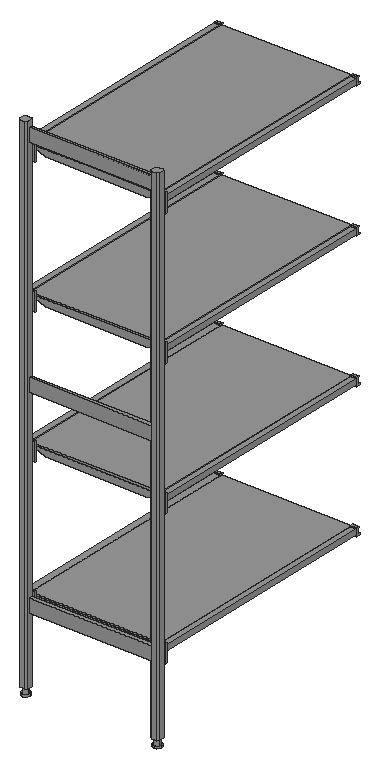
Revit family "QF_ZANUSSI_137071_CLS830", category Attrezzature speciali, Revit 2020
Family settings
  Quota connettore circolare = Usa diametro
  Tipo di parte = Normale
  Basato su piano di lavoro = No
  Sempre verticale = Sì
  Taglio con vuoti quando caricato = No
  Condiviso = No
  Punto di calcolo locali = No
Parameters (values of type "Standard")
  Weight = 16.00 kg
  Watts = 0 W
  Volts = 0 V
  URL Manufacturer = "http://www.zanussiprofessional.com"
  URL = "http://www.zanussiprofessional.com"
  Steam Supply Size = 0 mm
  Steam Supply Minimum Pressure = 0.0 Pa
  Steam Supply Maximum Pressure = 0.0 Pa
  Steam Consumption per Hour = 0
  Refrigeration Suction Line Size = 0.0 mm
  Refrigeration Liquid Line Size = 0.0 mm
  Refrigerant Compressor Remote = yes
  Prospetto di default = 0.0 mm
  Phase = 0
  Modello = "CLS830"
  Produttore = "Zanussi"
  Length Actual = 834.0 mm  # constant formula
  Item Number = "137071"
  Hot Water Size = 0 mm
  Height Actual = 1700.0 mm  # constant formula
  HP = "0 HP"
  Gas Size = 0 mm
  Gas KW = 0
  Gas Input Pressure = 0 W
  Direct Waste Size = 0 mm
  Descrizione = "ALUM.CORNER SHELV.-POLY.TIERS-475X834MM"
  Depth Actual = 475.0 mm  # constant formula
  Cycle = 0 Hz
  Condensate Return Size = 0 mm
  Compressed Air Volume = 0.0 L/s
  Compressed Air Size = 0 mm
  Compressed Air Pressure = 0.0 Pa
  Cold Water Size = 0 mm
  Accessory = yes
Reference planes
  plane 1: z = 0
  plane 2 "Center (F/B)": y = -163.5
  plane 3 "Front": y = -549.5
  plane 4 "Left": x = -217.5
  plane 5 "Right": x = 257.5
  plane 6 "TOP": z = 1700
  plane 7: y = -517.5
  plane 8: y = 280.5
  plane 9 "Center (Left/Right)": x = 20
  plane 10: y = 275.5
  plane 11: x = -186
  plane 12: x = 226
  plane 13 "FEET": z = 25
  plane 14: z = 275
  plane 15: z = 725
  plane 16: z = 1175
  plane 17: z = 1625
  plane 18 "CXLeft": y = -535.5
  plane 19: x = -200
  plane 20 "CYBack": x = -200
  plane 21 "CYFront": x = 138
  plane 22 "Back": y = 284.5
  plane 23 "LEFT_ORIGIN": x = -251.5
  plane 24 "BACK_Origin": y = 759.5
Forms (mm)
  Extrusion 1, solid, material "QF_Aluminum"
    sketch origin (0, -549.5, 0) x (-1, 0, 0) y (0, 0, 1)
      loop
        line (198.5, 1650.994) -> (198.5, 1632.998) -> (217.5, 1632.998) -> (217.5, 1650.994) -> (198.5, 1650.994)
      loop
        line (-238.5, 1650.994) -> (-257.5, 1650.994) -> (-257.5, 1632.998) -> (-238.5, 1632.998) -> (-238.5, 1650.994)
      loop
        line (198.5, 1200.994) -> (198.5, 1182.998) -> (217.5, 1182.998) -> (217.5, 1200.994) -> (198.5, 1200.994)
      loop
        line (-238.522, 1200.994) -> (-257.5, 1200.994) -> (-257.5, 1182.998) -> (-238.522, 1182.998) -> (-238.522, 1200.994)
      loop
        line (198.5, 750.994) -> (198.5, 732.998) -> (217.5, 732.998) -> (217.5, 750.994) -> (198.5, 750.994)
      loop
        line (-238.522, 750.994) -> (-257.5, 750.994) -> (-257.5, 732.998) -> (-238.522, 732.998) -> (-238.522, 750.994)
      loop
        line (198.5, 300.994) -> (198.5, 282.998) -> (217.5, 282.998) -> (217.5, 300.994) -> (198.5, 300.994)
      loop
        line (-238.522, 300.994) -> (-257.5, 300.994) -> (-257.5, 282.998) -> (-238.522, 282.998) -> (-238.522, 300.994)
    from 32 to 830
  Extrusion 2, solid, material "QF_Polyethylene"
    sketch origin (0, -549.5, 0) x (-1, 0, 0) y (0, 0, 1)
      loop
        line (196.507, 1650.994) -> (-236.522, 1650.994) -> (-236.522, 1644.496) -> (196.507, 1644.496) -> (196.507, 1650.994)
      loop
        line (196.507, 1200.994) -> (-236.522, 1200.994) -> (-236.522, 1194.496) -> (196.507, 1194.496) -> (196.507, 1200.994)
      loop
        line (196.507, 750.994) -> (-236.522, 750.994) -> (-236.522, 744.496) -> (196.507, 744.496) -> (196.507, 750.994)
      loop
        line (196.507, 300.994) -> (-236.522, 300.994) -> (-236.522, 294.496) -> (196.507, 294.496) -> (196.507, 300.994)
    from 32 to 830
Lines and regions (mm)
  symbolic lines
    curve 1: line (-198.5, 280.5, 1700) -> (-198.5, -517.5, 1700)
    curve 2: line (-217.5, -521.5, 1700) -> (-217.5, 280.5, 1700)
    curve 3: line (257.5, -521.5, 1700) -> (257.5, 280.5, 1700)
    curve 4: line (-181.507, -517.5, 1700) -> (221.507, -517.5, 1700)
    curve 5: line (238.522, -517.5, 1700) -> (238.522, 280.5, 1700)
    curve 6: line (-198.5, 280.5, 1700) -> (238.522, 280.5, 1700)
Dimensions and locks
  plane 3 "Front" to plane 2 "Center (F/B)" = 386.0 mm
  locked: plane 6 "TOP" to level at 1700
  locked: plane 4 "Left" to plane 5 "Right" at 475
  locked: plane 7 to plane 8 at 798
  locked: plane 3 "Front" to plane 7 at 32
  plane 10 to plane 8 = 5.0 mm
  locked: plane 11 to plane 12 at 412
  equal spacing: plane 11, plane 9 "Center (Left/Right)", plane 12
  equal spacing: plane 4 "Left", plane 9 "Center (Left/Right)", plane 5 "Right"
  plane 13 "FEET" to level = 25.0 mm
  plane 6 "TOP" to plane 13 "FEET" = 1675.0 mm
  plane 14 to plane 13 "FEET" = 250.0 mm
  plane 15 to plane 14 = 450.0 mm
  plane 16 to plane 15 = 450.0 mm
  plane 17 to plane 16 = 450.0 mm
  locked: plane 3 "Front" to plane 18 "CXLeft" at 14
  locked: plane 3 "Front" to plane 22 "Back" at 834
  plane 23 "LEFT_ORIGIN" to plane 5 "Right" = 509.0 mm
  locked: plane 22 "Back" to plane 24 "BACK_Origin" at 475
  aligned and locked: level to plane 1
  aligned and locked: Extrusion 2 to plane 7
  aligned and locked: plane 8 to Extrusion 2
  aligned and locked: Extrusion 1 to plane 7
  aligned and locked: plane 8 to Extrusion 1
  aligned and locked: Extrusion 1 sketch curve to Extrusion 1 sketch curve  (x2)
  aligned and locked: plane 18 "CXLeft" to nested 1
  aligned and locked: nested 2 to plane 10
Automatic sketch dimensions
  curve 2 to plane 4 "Left" = 0.0 mm
  curve 3 to plane 5 "Right" = 0.0 mm
  plane 7 to curve 1 = 0.0 mm
  plane 7 to curve 4 = 0.0 mm
  plane 7 to curve 5 = 0.0 mm
  plane 8 to curve 2 = 0.0 mm
  plane 8 to curve 1 = 0.0 mm
  plane 8 to curve 3 = 0.0 mm
  curve 5 to plane 21 "CYFront" = 100.522 mm
  plane 19 to curve 6 = 1.5 mm
  plane 7 to curve 3 = 4.0 mm
  plane 7 to curve 2 = 4.0 mm
  plane 12 to curve 4 = 4.493 mm
  curve 4 to plane 11 = 4.493 mm
  plane 5 "Right" to Extrusion 1 sketch curve = 0.0 mm  (x4)
  plane 4 "Left" to Extrusion 1 sketch curve = 0.0 mm  (x4)
  Extrusion 1 sketch curve to plane 21 "CYFront" = 100.522 mm
  Extrusion 1 sketch curve to plane 21 "CYFront" = 100.5 mm
  plane 19 to Extrusion 1 sketch curve = 1.5 mm  (x4)
  plane 14 to Extrusion 1 sketch curve = 7.998 mm  (x2)
  Extrusion 1 sketch curve to Extrusion 1 sketch curve = 17.997 mm  (x8)
  plane 15 to Extrusion 1 sketch curve = 7.998 mm  (x2)
  plane 16 to Extrusion 1 sketch curve = 7.998 mm  (x2)
  plane 17 to Extrusion 1 sketch curve = 7.998 mm  (x2)
  Extrusion 2 sketch curve to plane 21 "CYFront" = 98.522 mm  (x4)
  plane 19 to Extrusion 2 sketch curve = 3.493 mm  (x4)
  plane 14 to Extrusion 2 sketch curve = 19.496 mm
  Extrusion 2 sketch curve to Extrusion 2 sketch curve = 6.499 mm  (x4)
  plane 15 to Extrusion 2 sketch curve = 19.496 mm
  plane 16 to Extrusion 2 sketch curve = 19.496 mm
  plane 17 to Extrusion 2 sketch curve = 19.496 mm
Nested families
  nested 1: "WT_Anta475" at (-194.5, -132.5, 0) x (0, 1, 0) z (0, 0, 1), type "WT_Anta475"
  nested 2: "WT_Aggancio475" at (-194.5, 692.5, 0) x (0, 1, 0) z (0, 0, 1), type "WT_Aggancio475"
Definition of nested family "WT_Anta475"
  Parameters
    WidthLeft = A + 64.0 mm  # 772.0 mm
    Width = 1606.0 mm
    Right = WidthLeft / 2  # 386.0 mm
    Default Elevation = 0.0 mm
    Left = -WidthLeft / 2  # -386.0 mm
    Height = 1725.0 mm
    FEET = 25.0 mm
    E = 0.0 mm
    Dint = Depth - 63.0 mm  # 412.0 mm
    Dext = Depth - 8.0 mm  # 467.0 mm
    Depth = 475.0 mm
    DX = (WidthLeft - A) / 2  # 32.0 mm
    B = 798.0 mm
    A = 708.0 mm
  Reference planes
    plane 1: z = 0
    plane 2 "LEFT": x = -417
    plane 3 "BACK": y = 23
    plane 4 "FRONT": y = -452
    plane 5 "TOP": z = 1725
    plane 6 "Center (Front/Back)": y = -214.5
    plane 7: y = -8.5
    plane 8: y = -420.5
    plane 9 "FEET": z = 25
    plane 10: z = 275
    plane 11: z = 725
    plane 12: z = 1175
    plane 13: z = 1625
    plane 14 "CXLeft": x = -403
    plane 15: y = 5.5
    plane 16 "CYBack": y = 5.5
    plane 17 "CYFront": y = -434.5
    plane 18: x = -385.031
    plane 19: x = -380.031
  Forms (mm)
    Extrusion 1, solid
      sketch origin (0, 0, 0) x (1, 0, 0) y (0, 1, 0)
        loop
          line (-417, 13.246) -> (-417, -2.246) -> (-410.746, -8.5) -> (-395.254, -8.5) -> (-389, -2.246) -> (-389, 13.246) -> (-395.254, 19.5) -> (-410.746, 19.5) -> (-417, 13.246)
      from 1725 to 25
    Extrusion 2, solid
      sketch origin (-417, 0, 0) x (0, 1, 0) y (0, 0, 1)
        loop
          line (23, 246.005) -> (23, 307.993) -> (-12.993, 307.993) -> (-12.993, 246.005) -> (23, 246.005)
        loop
          line (-452, 246.005) -> (-416.007, 246.005) -> (-416.007, 307.993) -> (-452, 307.993) -> (-452, 246.005)
        loop
          line (23, 696.005) -> (23, 757.993) -> (-12.993, 757.993) -> (-12.993, 696.005) -> (23, 696.005)
        loop
          line (-452, 696.005) -> (-416.007, 696.005) -> (-416.007, 757.993) -> (-452, 757.993) -> (-452, 696.005)
        loop
          line (23, 1146.005) -> (23, 1207.993) -> (-12.993, 1207.993) -> (-12.993, 1146.005) -> (23, 1146.005)
        loop
          line (-452, 1146.005) -> (-416.007, 1146.005) -> (-416.007, 1207.993) -> (-452, 1207.993) -> (-452, 1146.005)
        loop
          line (23, 1596.005) -> (23, 1657.993) -> (-12.993, 1657.993) -> (-12.993, 1596.005) -> (23, 1596.005)
        loop
          line (-452, 1596.005) -> (-416.007, 1596.005) -> (-416.007, 1657.993) -> (-452, 1657.993) -> (-452, 1596.005)
      from 28 to 32
    Revolve 3, solid
      sketch origin (-403, 0, 0) x (0, 1, 0) y (0, 0, 1)
        loop
          line (5.5, 25) -> (5.5, 0) -> (19, 0) -> (19, 5) -> (14, 5) -> (14, 25) -> (5.5, 25)
        axis (5.5, 25) -> (5.5, 0)
      angle from 0 to 360
    Extrusion 4, solid
      sketch origin (-403, 0, 0) x (0, 1, 0) y (0, 0, 1)
        loop
          line (-8.5, 912.382) -> (-8.5, 957.374) -> (-420.5, 957.374) -> (-420.5, 912.382) -> (-8.5, 912.382)
        loop
          line (-8.5, 1662.244) -> (-8.5, 1707.236) -> (-420.5, 1707.236) -> (-420.5, 1662.244) -> (-8.5, 1662.244)
      from -5 to 5
    Revolve 5, solid
      sketch origin (-403, -627, 0) x (0, -1, 0) y (0, 0, 1)
        loop
          line (-192.5, 25) -> (-192.5, 0) -> (-179, 0) -> (-179, 5) -> (-184, 5) -> (-184, 25) -> (-192.5, 25)
        axis (-192.5, 25) -> (-192.5, 0)
      angle from 0 to 360
    Extrusion 6, solid
      sketch origin (0, -627, 0) x (1, 0, 0) y (0, 1, 0)
        loop
          line (-417, 184.754) -> (-410.746, 178.5) -> (-395.254, 178.5) -> (-389, 184.754) -> (-389, 200.246) -> (-395.254, 206.5) -> (-410.746, 206.5) -> (-417, 200.246) -> (-417, 184.754)
      from 1725 to 25
    Extrusion 7, solid
      sketch origin (-417.031, -0.022, 0) x (0, 1, 0) y (0, 0, -1)
        loop
          line (-12, -1632.998) -> (-46, -1620.994) -> (-383, -1620.994) -> (-417, -1632.998) -> (-433, -1632.998) -> (-433, -1650.994) -> (-431, -1650.994) -> (-431, -1644.496) -> (2.007, -1644.496) -> (2.007, -1650.994) -> (4, -1650.994) -> (4, -1632.998) -> (-12, -1632.998)
        loop
          line (-12, -1182.998) -> (-46, -1170.994) -> (-383, -1170.994) -> (-417, -1182.998) -> (-433, -1182.998) -> (-433, -1200.994) -> (-431, -1200.994) -> (-431, -1194.496) -> (2.007, -1194.496) -> (2.007, -1200.994) -> (4, -1200.994) -> (4, -1182.998) -> (-12, -1182.998)
        loop
          line (-12, -732.998) -> (-46, -720.994) -> (-383, -720.994) -> (-417, -732.998) -> (-433, -732.998) -> (-433, -750.994) -> (-431, -750.994) -> (-431, -744.496) -> (2.007, -744.496) -> (2.007, -750.994) -> (4, -750.994) -> (4, -732.998) -> (-12, -732.998)
        loop
          line (-12, -282.998) -> (-46, -270.994) -> (-383, -270.994) -> (-417, -282.998) -> (-433, -282.998) -> (-433, -300.994) -> (-431, -300.994) -> (-431, -294.496) -> (2.007, -294.496) -> (2.007, -300.994) -> (4, -300.994) -> (4, -282.998) -> (-12, -282.998)
      from -32 to -37
    Extrusion 8, solid
      sketch origin (-403, 0, -659.878) x (0, 1, 0) y (0, 0, 1)
        loop
          line (-8.5, 912.382) -> (-8.5, 957.374) -> (-420.5, 957.374) -> (-420.5, 912.382) -> (-8.5, 912.382)
        loop
          line (-8.5, 1572.382) -> (-8.5, 1617.374) -> (-420.5, 1617.374) -> (-420.5, 1572.382) -> (-8.5, 1572.382)
        loop
          line (-8.5, 2322.382) -> (-8.5, 2367.374) -> (-420.5, 2367.374) -> (-420.5, 2322.382) -> (-8.5, 2322.382)
      from -5 to 5
  Lines and regions (mm)
    symbolic lines
      curve 1: line (-408, -8.5, 1725) -> (-408, -420.5, 1725)
      curve 2: line (-398, -420.5, 1725) -> (-398, -8.5, 1725)
      curve 3: line (-395.254, -8.5, 1725) -> (-410.746, -8.5, 1725)
      curve 4: line (-417, -2.246, 1725) -> (-410.746, -8.5, 1725)
      curve 5: line (-417, 13.246, 1725) -> (-417, -2.246, 1725)
      curve 6: line (-410.746, 19.5, 1725) -> (-417, 13.246, 1725)
      curve 7: line (-395.254, 19.5, 1725) -> (-410.746, 19.5, 1725)
      curve 8: line (-389, 13.246, 1725) -> (-395.254, 19.5, 1725)
      curve 9: line (-395.254, -8.5, 1725) -> (-389, -2.246, 1725)
      curve 10: line (-395.254, -420.5, 1725) -> (-410.746, -420.5, 1725)
      curve 11: line (-417, -426.754, 1725) -> (-410.746, -420.5, 1725)
      curve 12: line (-410.746, -448.5, 1725) -> (-417, -442.246, 1725)
      curve 13: line (-395.254, -448.5, 1725) -> (-410.746, -448.5, 1725)
      curve 14: line (-389, -442.246, 1725) -> (-395.254, -448.5, 1725)
      curve 15: line (-395.254, -420.5, 1725) -> (-389, -426.754, 1725)
      curve 16: line (-389, -452, 1725) -> (-389, -416.007, 1725)
      curve 17: line (-389, -416.007, 1725) -> (-385, -416.007, 1725)
      curve 18: line (-389, 23, 1725) -> (-389, -12.993, 1725)
      curve 19: line (-389, -12.993, 1725) -> (-385, -12.993, 1725)
      curve 20: line (-417, -426.754, 1725) -> (-417, -442.246, 1725)
      curve 21: line (-385, -452, 1725) -> (-385, -416.007, 1725)
      curve 22: line (-385, -452, 1725) -> (-389, -452, 1725)
      curve 23: line (-385, 23, 1725) -> (-389, 23, 1725)
      curve 24: line (-385, -12.993, 1725) -> (-385, 23, 1725)
      curve 25: line (-385.031, -13.016, 1725) -> (-385.031, -416.029, 1725)
  Dimensions and locks
    "Height": plane 5 "TOP" to level
    "Depth": plane 3 "BACK" to plane 4 "FRONT"
    "Dint": plane 7 to plane 8
    equal spacing: plane 7, plane 6 "Center (Front/Back)", plane 8
    equal spacing: plane 3 "BACK", plane 6 "Center (Front/Back)", plane 4 "FRONT"
    plane 9 "FEET" to level = 25.0 mm
    plane 5 "TOP" to plane 9 "FEET" = 1700.0 mm
    plane 10 to plane 9 "FEET" = 250.0 mm
    plane 11 to plane 10 = 450.0 mm
    plane 12 to plane 11 = 450.0 mm
    plane 13 to plane 12 = 450.0 mm
    locked: plane 2 "LEFT" to plane 14 "CXLeft" at 14
    locked: plane 3 "BACK" to plane 16 "CYBack" at 17.5
    locked: plane 17 "CYFront" to plane 4 "FRONT" at 17.5
    locked: Revolve 3 sketch curve to Revolve 3 sketch curve at 8.5
    locked: Revolve 3 sketch curve to plane 16 "CYBack" at 13.5
    locked: Revolve 5 sketch curve to Revolve 5 sketch curve at 8.5
    aligned and locked: level to plane 1
    aligned and locked: curve 20 to Extrusion 6
    aligned and locked: plane 5 "TOP" to Extrusion 1
    aligned and locked: plane 5 "TOP" to Extrusion 6
    aligned and locked: Extrusion 7 sketch curve to Extrusion 7 sketch curve  (x3)
  Automatic sketch dimensions
    curve 16 to plane 4 "FRONT" = 0.0 mm
    curve 11 to plane 8 = 0.0 mm
    curve 9 to plane 7 = 0.0 mm
    curve 5 to plane 2 "LEFT" = 0.0 mm
    curve 23 to plane 3 "BACK" = 0.0 mm
    plane 4 "FRONT" to curve 13 = 3.5 mm
    curve 20 to plane 17 "CYFront" = 7.746 mm
    curve 20 to plane 8 = 6.254 mm
    plane 8 to curve 16 = 4.493 mm
    curve 24 to plane 18 = 0.031 mm
    curve 24 to plane 7 = 4.493 mm
    plane 7 to curve 5 = 6.254 mm
    curve 5 to plane 15 = 7.746 mm
    curve 6 to plane 3 "BACK" = 3.5 mm
    curve 21 to plane 18 = 0.031 mm
    plane 18 to curve 23 = 3.969 mm
    plane 18 to curve 16 = 3.969 mm
    curve 18 to curve 8 = 6.254 mm
    curve 18 to curve 3 = 6.254 mm
    curve 16 to curve 13 = 6.254 mm
    curve 16 to curve 15 = 6.254 mm
    plane 2 "LEFT" to curve 10 = 6.254 mm
    plane 2 "LEFT" to curve 7 = 6.254 mm
    plane 2 "LEFT" to curve 12 = 6.254 mm
    plane 2 "LEFT" to curve 3 = 6.254 mm
    curve 14 to plane 17 "CYFront" = 7.746 mm
    curve 15 to plane 8 = 6.254 mm
    plane 7 to curve 9 = 6.254 mm
    curve 8 to plane 15 = 7.746 mm
    curve 3 to curve 2 = 2.746 mm
    curve 1 to curve 10 = 2.746 mm
    Extrusion 1 sketch curve to plane 2 "LEFT" = 0.0 mm
    Extrusion 1 sketch curve to plane 7 = 0.0 mm
    plane 2 "LEFT" to Extrusion 1 sketch curve = 6.254 mm  (x2)
    plane 14 "CXLeft" to Extrusion 1 sketch curve = 7.746 mm  (x2)
    Extrusion 1 sketch curve to plane 3 "BACK" = 3.5 mm
    plane 18 to Extrusion 1 sketch curve = 3.969 mm
    plane 7 to Extrusion 1 sketch curve = 6.254 mm  (x2)
    Extrusion 1 sketch curve to plane 15 = 7.746 mm  (x2)
    Extrusion 2 sketch curve to plane 4 "FRONT" = 0.0 mm  (x4)
    Extrusion 2 sketch curve to plane 3 "BACK" = 0.0 mm  (x4)
    plane 8 to Extrusion 2 sketch curve = 4.493 mm  (x4)
    Extrusion 2 sketch curve to plane 7 = 4.493 mm  (x4)
    Extrusion 2 sketch curve to plane 10 = 28.995 mm  (x2)
    plane 10 to Extrusion 2 sketch curve = 32.993 mm  (x2)
    Extrusion 2 sketch curve to plane 11 = 28.995 mm  (x2)
    plane 11 to Extrusion 2 sketch curve = 32.993 mm  (x2)
    Extrusion 2 sketch curve to plane 12 = 28.995 mm  (x2)
    plane 12 to Extrusion 2 sketch curve = 32.993 mm  (x2)
    Extrusion 2 sketch curve to plane 13 = 28.995 mm  (x2)
    plane 13 to Extrusion 2 sketch curve = 32.993 mm  (x2)
    Revolve 3 sketch curve to plane 9 "FEET" = 0.0 mm  (x2)
    Revolve 3 sketch curve to plane 15 = 0.0 mm  (x2)
    Revolve 3 sketch curve to level = 0.0 mm
    level to Revolve 3 sketch curve = 5.0 mm
    Revolve 3 sketch curve to Revolve 3 sketch curve = 11.655 mm
    Extrusion 4 sketch curve to plane 8 = 0.0 mm  (x2)
    Extrusion 4 sketch curve to plane 7 = 0.0 mm  (x2)
    plane 11 to Extrusion 4 sketch curve = 187.382 mm
    Extrusion 4 sketch curve to Extrusion 4 sketch curve = 44.992 mm
    plane 13 to Extrusion 4 sketch curve = 37.244 mm
    Extrusion 4 sketch curve to plane 5 "TOP" = 17.764 mm
    Revolve 5 sketch curve to plane 9 "FEET" = 0.0 mm  (x2)
    Revolve 5 sketch curve to plane 17 "CYFront" = 0.0 mm  (x2)
    Revolve 5 sketch curve to level = 0.0 mm
    Revolve 5 sketch curve to plane 4 "FRONT" = 4.0 mm
    Revolve 5 sketch curve to Revolve 5 sketch curve = 5.0 mm
    level to Revolve 5 sketch curve = 11.655 mm
    Extrusion 6 sketch curve to plane 2 "LEFT" = 0.0 mm
    Extrusion 6 sketch curve to plane 8 = 0.0 mm
    Extrusion 6 sketch curve to plane 2 "LEFT" = 6.254 mm  (x2)
    Extrusion 6 sketch curve to plane 14 "CXLeft" = 7.746 mm  (x2)
    Extrusion 6 sketch curve to plane 4 "FRONT" = 3.5 mm
    Extrusion 6 sketch curve to plane 18 = 3.969 mm
    plane 8 to Extrusion 6 sketch curve = 6.254 mm  (x2)
    plane 17 "CYFront" to Extrusion 6 sketch curve = 7.746 mm  (x2)
    plane 17 "CYFront" to Extrusion 7 sketch curve = 1.478 mm  (x4)
    Extrusion 7 sketch curve to Extrusion 7 sketch curve = 2.0 mm
    plane 8 to Extrusion 7 sketch curve = 3.478 mm  (x4)
    Extrusion 7 sketch curve to plane 10 = 4.006 mm
    Extrusion 7 sketch curve to Extrusion 7 sketch curve = 34.0 mm  (x4)
    Extrusion 7 sketch curve to plane 11 = 4.006 mm
    Extrusion 7 sketch curve to plane 12 = 4.006 mm
    Extrusion 7 sketch curve to plane 13 = 4.006 mm
    Extrusion 7 sketch curve to plane 7 = 37.522 mm  (x4)
    Extrusion 7 sketch curve to plane 7 = 3.522 mm  (x4)
    plane 15 to Extrusion 7 sketch curve = 3.516 mm  (x4)
    plane 15 to Extrusion 7 sketch curve = 1.522 mm  (x4)
    plane 13 to Extrusion 7 sketch curve = 7.998 mm  (x2)
    Extrusion 7 sketch curve to Extrusion 7 sketch curve = 11.498 mm
    Extrusion 7 sketch curve to Extrusion 7 sketch curve = 6.499 mm  (x5)
    plane 12 to Extrusion 7 sketch curve = 25.994 mm  (x2)
    plane 12 to Extrusion 7 sketch curve = 7.998 mm  (x2)
    plane 11 to Extrusion 7 sketch curve = 25.994 mm  (x2)
    plane 11 to Extrusion 7 sketch curve = 7.998 mm  (x2)
    plane 10 to Extrusion 7 sketch curve = 25.994 mm  (x2)
    plane 10 to Extrusion 7 sketch curve = 7.998 mm  (x2)
    curve 25 to plane 18 = 0.0 mm
    plane 8 to curve 25 = 4.471 mm
    curve 25 to plane 7 = 4.516 mm
    Extrusion 8 sketch curve to plane 8 = 0.0 mm  (x3)
    Extrusion 8 sketch curve to plane 7 = 0.0 mm  (x3)
    Extrusion 8 sketch curve to plane 10 = 22.496 mm
    plane 10 to Extrusion 8 sketch curve = 22.496 mm
    plane 11 to Extrusion 8 sketch curve = 187.504 mm
    Extrusion 8 sketch curve to Extrusion 8 sketch curve = 44.992 mm
    plane 13 to Extrusion 8 sketch curve = 37.504 mm
    Extrusion 8 sketch curve to plane 5 "TOP" = 17.504 mm
Definition of nested family "WT_Aggancio475"
  Parameters
    WidthLeft = A + 64.0 mm  # 772.0 mm
    Width = 1606.0 mm
    Right = WidthLeft / 2  # 386.0 mm
    Default Elevation = 0.0 mm
    Left = -WidthLeft / 2  # -386.0 mm
    Height = 1725.0 mm
    FEET = 25.0 mm
    E = 0.0 mm
    Dint = Depth - 63.0 mm  # 412.0 mm
    Dext = Depth - 8.0 mm  # 467.0 mm
    Depth = 475.0 mm
    DX = (WidthLeft - A) / 2  # 32.0 mm
    B = 798.0 mm
    A = 708.0 mm
  Reference planes
    plane 1: z = 0
    plane 2 "LEFT": x = -417
    plane 3 "BACK": y = 23
    plane 4 "FRONT": y = -452
    plane 5 "TOP": z = 1725
    plane 6 "Center (Front/Back)": y = -214.5
    plane 7: y = -8.5
    plane 8: y = -420.5
    plane 9 "FEET": z = 25
    plane 10: z = 275
    plane 11: z = 725
    plane 12: z = 1175
    plane 13: z = 1625
    plane 14: y = 5.5
    plane 15 "CYBack": y = 5.5
    plane 16 "CYFront": y = -434.5
  Forms (mm)
    Extrusion 1, solid
      sketch origin (-380, -0.022, 0) x (0, 1, 0) y (0, 0, 1)
        loop
          line (-12, 1632.998) -> (4, 1632.998) -> (4, 1650.994) -> (2.007, 1650.994) -> (2.007, 1644.496) -> (-431, 1644.496) -> (-431, 1650.994) -> (-433, 1650.994) -> (-433, 1632.998) -> (-417, 1632.998) -> (-383, 1620.994) -> (-46, 1620.994) -> (-12, 1632.998)
        loop
          line (-12, 1182.998) -> (4, 1182.998) -> (4, 1200.994) -> (2.007, 1200.994) -> (2.007, 1194.496) -> (-431, 1194.496) -> (-431, 1200.994) -> (-433, 1200.994) -> (-433, 1182.998) -> (-417, 1182.998) -> (-383, 1170.994) -> (-46, 1170.994) -> (-12, 1182.998)
        loop
          line (-12, 732.998) -> (4, 732.998) -> (4, 750.994) -> (2.007, 750.994) -> (2.007, 744.496) -> (-431, 744.496) -> (-431, 750.994) -> (-433, 750.994) -> (-433, 732.998) -> (-417, 732.998) -> (-383, 720.994) -> (-46, 720.994) -> (-12, 732.998)
        loop
          line (-12, 282.998) -> (4, 282.998) -> (4, 300.994) -> (2.007, 300.994) -> (2.007, 294.496) -> (-431, 294.496) -> (-431, 300.994) -> (-433, 300.994) -> (-433, 282.998) -> (-417, 282.998) -> (-383, 270.994) -> (-46, 270.994) -> (-12, 282.998)
      from -32 to -37
    Extrusion 2, solid
      sketch origin (-793.062, -324.754, 6.5) x (1, 0, 0) y (0, 0, 1)
        loop
          line (385.062, 1644.496) -> (385.062, 1647.496) -> (376.062, 1647.496) -> (376.062, 1620.994) -> (390.031, 1620.994) -> (390.031, 1626.496) -> (381.062, 1626.496) -> (381.062, 1644.496) -> (385.062, 1644.496)
        loop
          line (385.062, 1194.496) -> (385.062, 1197.496) -> (376.062, 1197.496) -> (376.062, 1170.994) -> (390.031, 1170.994) -> (390.031, 1176.496) -> (381.062, 1176.496) -> (381.062, 1194.496) -> (385.062, 1194.496)
        loop
          line (385.062, 744.496) -> (385.062, 747.496) -> (376.062, 747.496) -> (376.062, 720.994) -> (390.031, 720.994) -> (390.031, 726.496) -> (381.062, 726.496) -> (381.062, 744.496) -> (385.062, 744.496)
        loop
          line (385.062, 294.496) -> (385.062, 297.496) -> (376.062, 297.496) -> (376.062, 270.994) -> (390.031, 270.994) -> (390.031, 276.496) -> (381.062, 276.496) -> (381.062, 294.496) -> (385.062, 294.496)
      from 108.268 to 127.246
    Extrusion 3, solid
      sketch origin (-793.062, 32.754, 6.5) x (1, 0, 0) y (0, 0, 1)
        loop
          line (385.062, 1644.496) -> (385.062, 1647.496) -> (376.062, 1647.496) -> (376.062, 1620.994) -> (390.031, 1620.994) -> (390.031, 1626.496) -> (381.062, 1626.496) -> (381.062, 1644.496) -> (385.062, 1644.496)
        loop
          line (385.062, 1194.496) -> (385.062, 1197.496) -> (376.062, 1197.496) -> (376.062, 1170.994) -> (390.031, 1170.994) -> (390.031, 1176.496) -> (381.062, 1176.496) -> (381.062, 1194.496) -> (385.062, 1194.496)
        loop
          line (385.062, 744.496) -> (385.062, 747.496) -> (376.062, 747.496) -> (376.062, 720.994) -> (390.031, 720.994) -> (390.031, 726.496) -> (381.062, 726.496) -> (381.062, 744.496) -> (385.062, 744.496)
        loop
          line (385.062, 294.496) -> (385.062, 297.496) -> (376.062, 297.496) -> (376.062, 270.994) -> (390.031, 270.994) -> (390.031, 276.496) -> (381.062, 276.496) -> (381.062, 294.496) -> (385.062, 294.496)
      from 9.754 to 28.776
  Lines and regions (mm)
    symbolic lines
      curve 1: line (-412, -452, 0) -> (-408, -452, 0)
      curve 2: line (-412, -433.022, 0) -> (-412, -452, 0)
      curve 3: line (-408, -433.022, 0) -> (-412, -433.022, 0)
      curve 4: line (-408, -452, 0) -> (-408, -433.022, 0)
      curve 5: line (-412, 3.978, 0) -> (-408, 3.978, 0)
      curve 6: line (-412, 23, 0) -> (-412, 3.978, 0)
      curve 7: line (-408, 23, 0) -> (-412, 23, 0)
      curve 8: line (-408, 3.978, 0) -> (-408, 23, 0)
  Dimensions and locks
    "Height": plane 5 "TOP" to level
    "Depth": plane 3 "BACK" to plane 4 "FRONT"
    "Dint": plane 7 to plane 8
    equal spacing: plane 7, plane 6 "Center (Front/Back)", plane 8
    equal spacing: plane 3 "BACK", plane 6 "Center (Front/Back)", plane 4 "FRONT"
    plane 9 "FEET" to level = 25.0 mm
    plane 5 "TOP" to plane 9 "FEET" = 1700.0 mm
    plane 10 to plane 9 "FEET" = 250.0 mm
    plane 11 to plane 10 = 450.0 mm
    plane 12 to plane 11 = 450.0 mm
    plane 13 to plane 12 = 450.0 mm
    locked: plane 3 "BACK" to plane 15 "CYBack" at 17.5
    locked: plane 16 "CYFront" to plane 4 "FRONT" at 17.5
    aligned and locked: level to plane 1
    aligned and locked: Extrusion 1 sketch curve to Extrusion 1 sketch curve  (x3)
  Automatic sketch dimensions
    plane 16 "CYFront" to Extrusion 1 sketch curve = 1.478 mm  (x4)
    Extrusion 1 sketch curve to Extrusion 1 sketch curve = 2.0 mm
    plane 8 to Extrusion 1 sketch curve = 3.478 mm  (x4)
    Extrusion 1 sketch curve to plane 10 = 4.006 mm
    Extrusion 1 sketch curve to Extrusion 1 sketch curve = 34.0 mm  (x4)
    Extrusion 1 sketch curve to plane 11 = 4.006 mm
    Extrusion 1 sketch curve to plane 12 = 4.006 mm
    Extrusion 1 sketch curve to plane 13 = 4.006 mm
    Extrusion 1 sketch curve to plane 7 = 37.522 mm  (x4)
    Extrusion 1 sketch curve to plane 7 = 3.522 mm  (x4)
    plane 14 to Extrusion 1 sketch curve = 3.516 mm  (x4)
    plane 14 to Extrusion 1 sketch curve = 1.522 mm  (x4)
    plane 10 to Extrusion 1 sketch curve = 7.998 mm  (x2)
    Extrusion 1 sketch curve to Extrusion 1 sketch curve = 11.498 mm  (x4)
    Extrusion 1 sketch curve to Extrusion 1 sketch curve = 6.499 mm  (x8)
    plane 11 to Extrusion 1 sketch curve = 7.998 mm  (x2)
    plane 12 to Extrusion 1 sketch curve = 7.998 mm  (x2)
    plane 13 to Extrusion 1 sketch curve = 7.998 mm  (x2)
    plane 2 "LEFT" to Extrusion 2 sketch curve = 0.0 mm  (x4)
    plane 13 to Extrusion 2 sketch curve = 7.996 mm
    plane 11 to Extrusion 2 sketch curve = 7.996 mm
    Extrusion 2 sketch curve to Extrusion 2 sketch curve = 5.0 mm  (x4)
    plane 11 to Extrusion 2 sketch curve = 2.494 mm
    plane 10 to Extrusion 2 sketch curve = 28.996 mm
    Extrusion 2 sketch curve to Extrusion 2 sketch curve = 3.0 mm  (x4)
    plane 10 to Extrusion 2 sketch curve = 7.996 mm
    plane 10 to Extrusion 2 sketch curve = 2.494 mm
    Extrusion 2 sketch curve to Extrusion 2 sketch curve = 18.0 mm  (x3)
    plane 12 to Extrusion 2 sketch curve = 2.494 mm
    plane 12 to Extrusion 2 sketch curve = 7.996 mm
    plane 13 to Extrusion 2 sketch curve = 2.494 mm
    plane 2 "LEFT" to Extrusion 3 sketch curve = 0.0 mm  (x4)
    plane 13 to Extrusion 3 sketch curve = 7.996 mm
    plane 11 to Extrusion 3 sketch curve = 7.996 mm
    Extrusion 3 sketch curve to Extrusion 3 sketch curve = 5.0 mm  (x4)
    plane 11 to Extrusion 3 sketch curve = 2.494 mm
    plane 10 to Extrusion 3 sketch curve = 28.996 mm
    Extrusion 3 sketch curve to Extrusion 3 sketch curve = 3.0 mm  (x4)
    plane 10 to Extrusion 3 sketch curve = 7.996 mm
    plane 10 to Extrusion 3 sketch curve = 2.494 mm
    Extrusion 3 sketch curve to Extrusion 3 sketch curve = 18.0 mm  (x3)
    plane 12 to Extrusion 3 sketch curve = 2.494 mm
    plane 12 to Extrusion 3 sketch curve = 7.996 mm
    plane 13 to Extrusion 3 sketch curve = 2.494 mm
    plane 2 "LEFT" to curve 1 = 5.0 mm
    plane 2 "LEFT" to curve 7 = 5.0 mm
    curve 1 to plane 16 "CYFront" = 17.5 mm
    curve 3 to plane 8 = 12.522 mm
    plane 7 to curve 5 = 12.478 mm
    curve 7 to plane 14 = 17.5 mm
    curve 5 to curve 5 = 4.0 mm
    curve 1 to curve 4 = 4.0 mm
    Extrusion 2 sketch curve to Extrusion 2 sketch curve = 4.0 mm  (x4)
    Extrusion 2 sketch curve to Extrusion 2 sketch curve = 8.969 mm  (x4)
    Extrusion 3 sketch curve to Extrusion 3 sketch curve = 4.0 mm  (x4)
    Extrusion 3 sketch curve to Extrusion 3 sketch curve = 8.969 mm  (x4)
